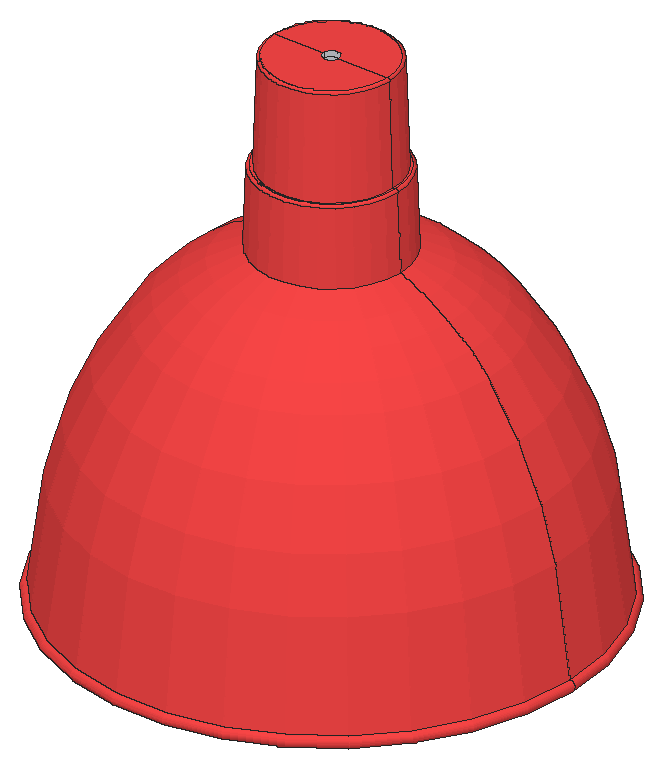
Revit family "D610 SHADE", category Lighting Fixtures, Revit 2024
Family settings
  Round Connector Dimension = Use Diameter
  Part Type = Normal
  OmniClass Number = 23.80.70.00
  OmniClass Title = Lighting
  Work Plane-Based = No
  Always vertical = Yes
  Cut with Voids When Loaded = No
  Light Source = Yes
  Maintain Annotation Orientation = No
  Shared = No
  Room Calculation Point = No
Parameters
  Wattage = 12.1178 W
  built-in parameter 1150110 = 1 (stored number, unit not read)
  built-in parameter 1114217 = 1 (stored number, unit not read)
  built-in parameter 1150109 = 1 (stored number, unit not read)
  built-in parameter 1150134 = (empty or 0)
  built-in parameter 1150113 = 1 (stored number, unit not read)
  Lumens = 1800 lm
  built-in parameter 1150115 = 1 (stored number, unit not read)
  built-in parameter 1150105 = 572.96 (stored number, unit not read)
  Light Source Symbol Size = 2' - 0"
  built-in parameter 1150137 = (empty or 0)
  built-in parameter 1150139 = (empty or 0)
  built-in parameter 1150112 = 1 (stored number, unit not read)
  built-in parameter 1150114 = 1 (stored number, unit not read)
  built-in parameter 1150132 = 2
  built-in parameter 1150102 = (empty or 0)
  built-in parameter 1150138 = (empty or 0)
  built-in parameter 1150107 = 3000 (stored number, unit not read)
  built-in parameter 1150106 = 5.7296 (stored number, unit not read)
  built-in parameter 1150104 = 13.8 (stored number, unit not read)
  Dimming Lamp Color Temperature Shift = (empty or 0)
  Default Elevation = 0' - 0"
  Color Filter = 16777215
  built-in parameter 1114218 = 1 (stored number, unit not read)
  built-in parameter 1150133 = 10 (stored number, unit not read)
Reference planes (in)
  plane 1 "Light Source Axis (F/B)": y = 0
  plane 2: z = 0
  plane 3 "Light Source Axis (L/R)": x = 0
  plane 4 "Light Source Elevation": z = 84
Forms (in)
  Revolve 1, solid
    sketch origin (0, 0, 0) x (1, 0, 0) y (0, 0, 1)
      loop
        line (-4.9, 84) -> (-4.80801, 84)
        spline (-4.80801, 84) -> (-4.68556, 85.30669) -> (-4.56842, 85.99335) -> (-4.43587, 86.53541) -> (-4.28156, 87.0429) -> (-4.10149, 87.5117) -> (-3.88539, 87.96512) -> (-3.62285, 88.42952) -> (-3.31956, 88.88792) -> (-2.98762, 89.30235) -> (-2.59683, 89.68247) -> (-2.08222, 90.06778) -> (-1.33066, 90.43398)
        line (-1.33066, 90.43398) -> (-1.27912, 91.90974) -> (-1.17918, 91.90974) -> (-1.11104, 93.86097)
        arc (-1.11104, 93.86097) -> (-1.09675, 93.89308) -> (-1.06415, 93.90625) r 0.04692
        line (-1.06415, 93.90625) -> (-0.15952, 93.90625) -> (-0.15952, 94) -> (-1.15343, 94)
        arc (-1.15343, 94) -> (-1.18755, 93.98587) -> (-1.20168, 93.95174) r 0.04826
        line (-1.20168, 93.95174) -> (-1.26972, 92.00349) -> (-1.3223, 92.00349)
        arc (-1.3223, 92.00349) -> (-1.35636, 91.98972) -> (-1.37131, 91.95616) r 0.04904
        line (-1.37131, 91.95616) -> (-1.42213, 90.50094)
        spline (-1.42213, 90.50094) -> (-2.15424, 90.14381) -> (-2.65944, 89.76989) -> (-3.04747, 89.39757) -> (-3.37964, 88.99021) -> (-3.68243, 88.54293) -> (-3.94461, 88.09121) -> (-4.16197, 87.64824) -> (-4.34473, 87.18874) -> (-4.50246, 86.69233) -> (-4.63905, 86.16386) -> (-4.76325, 85.48905) -> (-4.9, 84.21684)
        arc (-4.9, 84.21684) -> (-5.00842, 84.10842) -> (-4.9, 84) r 0.10842
      axis (0, 84) -> (0, 94)
    angle from 0 to 360
Dimensions and locks (in)
  aligned and locked: plane 3 "Light Source Axis (L/R)" to imposter light
  aligned and locked: plane 1 "Light Source Axis (F/B)" to imposter light
  aligned and locked: plane 4 "Light Source Elevation" to imposter light
  aligned and locked: level to plane 2
